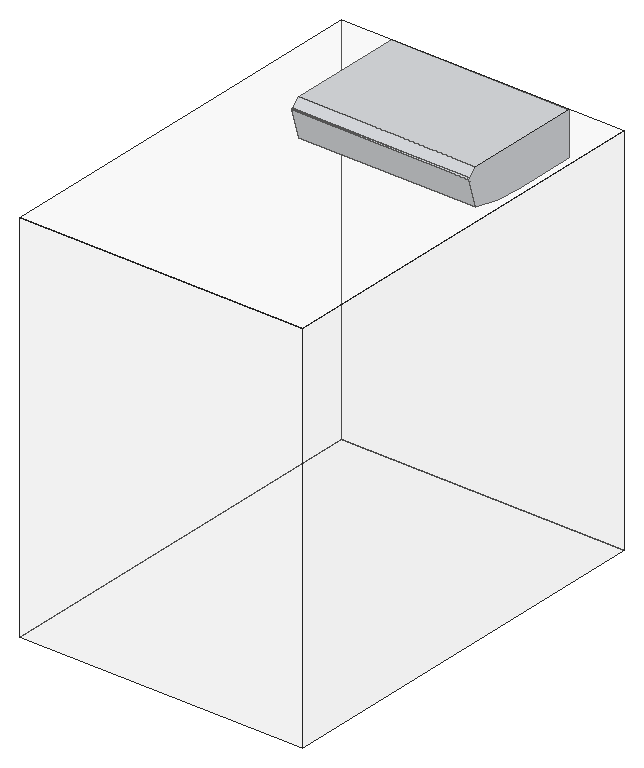
Revit family "pc-rp40_160kal19_50hz", category 機械設備, Revit 2019
Family settings
  丸型コネクタ寸法 = 直径を使用
  パーツ タイプ = 標準
  OmniClass 番号 = 23.75.10.24.21.27.27
  OmniClass タイトル = Split System Air Conditioning Units
  作業面ベース = いいえ
  常に垂直 = はい
  ロード時にボイドで切り取り = いいえ
  共有 = いいえ
  部屋計算ポイント = はい
Parameters (values of type "天吊_PC-RP40KA19")
  風量_静 (㎥/min) = 9
  風量_弱 (㎥/min) = 10
  風量_中 (㎥/min) = 11
  風量_強 (㎥/min) = 13
  風量 = MAX風量  # 780.0 m³/h
  音響パワーレベル_静 (dB) = 48
  音響パワーレベル_弱 (dB) = 50
  音響パワーレベル_中 (dB) = 53
  音響パワーレベル_強 (dB) = 55
  音響パワーレベル(dB) = [音響パワーレベル_強 (dB)]  # 55
  電源種別 = ""
  電源_H = 0 mm
  電圧 = 0 V
  電動機出力_送風機 = 0.09 kW
  運転質量 = 0.00 kg
  連動 = ""
  質量 = if(製品質量 > 運転質量, 製品質量, 運転質量) * 1.2  # 28.80 kg
  負荷分類 = 3_ファン類
  説明 = "店舗・事務所用パッケージエアコン(Mr.SLIM) [本体] 天吊形室内機"
  設計暖房能力 = 0.00 kW
  設計冷房能力_顕熱 = 0 kW
  設計冷房能力 = 0 kW
  設置方法 = "天井吊形"
  記号 = ""
  製造元 = "三菱電機株式会社"
  製品質量 = 24.00 kg
  製品出荷対象 = "国内"
  製品リリース年月 = ""
  製品グループ = ""
  背面_液管接続口 = 184 mm
  背面_ドレン管接続口 = 233 mm
  背面_ガス管接続口 = 203 mm
  系統 = ""
  符号 = "ACP-CR"
  積算_科目 = "1 空気調和設備"
  積算_拾い区分 [instance] = ""
  相 = 1
  盤記号 = ""
  発停方法 = "付属スイッチ"
  特殊仕様 = ""
  点検口離隔 [instance] = if(点検口離隔入力値 > 200 mm, 200 mm, if(点検口離隔入力値 < 150 mm, 150 mm, 点検口離隔入力値))  # 150 mm
  点検口離隔入力値 [instance] = 0 mm
  点検口設置範囲 = 0 mm
  点検口 = yes
  火災停止 = ""
  消費電力_暖房 = 0.04 kW
  消費電力_冷房 = 0.05 kW
  消費電力 = if(消費電力_冷房 > 消費電力_暖房, 消費電力_冷房, 消費電力_暖房)  # 0.05 kW
  法定耐用年数 = "6"
  極数 = 1
  材質 = ""
  本体マテリアル = none
  有効加湿量 = 0
  暖房能力 = 4.00 kW
  推奨ブレーカー容量 = 0 A
  形式_加湿器 = ""
  形式 = "天井吊（露出）形"
  幹線記号 = ""
  始動方式 = "直入"
  呼称 = "室内機_天井吊(露出)形"
  周波数 = 50 Hz
  吊り位置Y = 320 mm
  吊り位置X = 917 mm
  吊りボルト_H = 50 mm
  台数_手元リモコン = ""
  台数_冷媒分岐ユニット = ""
  参照している仕様書等のバージョン = "公共建築物標準仕様書（機械設備工事編）平成31年度版"
  加湿給水管径 = 0 mm
  分類コード = "50053003221080"
  分類グループ = ""
  冷房能力 = 3.6 kW
  冷媒高低圧ガス管径 = 0 mm
  冷媒管径符号 = "Ac"
  冷媒管径 = 100 mm
  冷媒液管高さ = 126 mm
  冷媒液管径 = 6.35 mm
  冷媒ガス管高さ = 126 mm
  冷媒ガス管径 = 12.7 mm
  価格 = 0
  企業コード = "108420"
  付属品_フィルター = ""
  付属品 = ""
  仕様書バージョン = "Version1.0"
  モデル = "PC-RP40KA19"
  パネルマテリアル = none
  ドレン管高さ = 190 mm
  ドレン管径 (外径) = 26 mm
  ドレン管径 = 20 mm
  サービススペース = yes
  コメント [instance] = ""
  ケーブル種類1 = ""
  ケーブルサイズ1 = 0 mm
  【値が 0 の項目は組合せ形名にてご確認ください】 = ""
  Width = 960 mm
  Version = ""
  Uniclass2015Version = "Systems v1.9"
  Uniclass2015Title = "Split coil remote air cooled condensing units"
  Uniclass2015Code = "Pr_70_65_03_84"
  URL = "https://www.mitsubishielectric.co.jp/ldg/wink/ssl/top.do"
  SpecificationReference = ""
  SpecificationDescription = ""
  Revision = ""
  ProductInformation = ""
  OmniClassCode = "23-33 17 13 11"
  MIN風量 = [風量_静 (㎥/min)] * 60.0 m³/h  # 540.0 m³/h
  MID風量2 = [風量_弱 (㎥/min)] * 60.0 m³/h  # 600.0 m³/h
  MID風量 = [風量_中 (㎥/min)] * 60.0 m³/h  # 660.0 m³/h
  MAX風量 = [風量_強 (㎥/min)] * 60.0 m³/h  # 780.0 m³/h
  IfcTypeProduct = ""
  IfcProduct = ""
  IfcExportType = "AIRCONDITIONINGUNIT"
  IfcExportAs = "IfcUnitaryEquipmentType"
  Height_本体 = 230 mm
  Height = Height_本体 + 6 mm  # 236 mm
  Depth = 680 mm
  Clearance Top = 1 mm
  Clearance Right = 300 mm
  Clearance Left = 270 mm
  Clearance Front = 1500 mm
  Clearance Bottom = 1800 mm
  Clearance Back = 0 mm
  Author = "三菱電機株式会社"
Types (20, lengths in mm): name | 風量_静 (㎥/min) | 風量_弱 (㎥/min) | 風量_中 (㎥/min) | 風量_強 (㎥/min) | 風量 | 音響パワーレベル_静 (dB) | 音響パワーレベル_弱 (dB) | 音響パワーレベル_中 (dB) | 音響パワーレベル_強 (dB) | 音響パワーレベル(dB) | 電動機出力_送風機 | 質量 | 製品質量 | 製品リリース年月 | 背面_液管接続口 | 背面_ガス管接続口 | 消費電力_暖房 | 消費電力_冷房 | 消費電力 | 暖房能力 | 吊り位置X | 冷房能力 | 冷媒管径符号 | 冷媒液管径 | 冷媒ガス管径 | モデル | Width | MIN風量 | MID風量2 | MID風量 | MAX風量
  天吊_PC-RP45KAL19 | 9 | 10 | 11 | 13 | 780.0 m³/h | 48 | 50 | 53 | 55 | 55 | 0.09 kW | 28.80 kg | 24.00 kg | "" | 184 | 203 | 0.04 kW | 0.05 kW | 0.05 kW | 4.50 kW | 917 | 4 kW | "Ac" | 6.35 | 12.7 | "PC-RP45KAL19" | 960 | 540.0 m³/h | 600.0 m³/h | 660.0 m³/h | 780.0 m³/h
  天吊_PC-RP56KAL19 | 10 | 11 | 12 | 13 | 780.0 m³/h | 48 | 50 | 53 | 55 | 55 | 0.09 kW | 30.00 kg | 25.00 kg | "" | 184 | 203 | 0.05 kW | 0.06 kW | 0.06 kW | 5.60 kW | 917 | 5 kW | "Ac" | 6.35 | 12.7 | "PC-RP56KAL19" | 960 | 600.0 m³/h | 660.0 m³/h | 720.0 m³/h | 780.0 m³/h
  天吊_PC-RP71KAL19 | 13 | 16 | 18 | 20 | 1200.0 m³/h | 50 | 53 | 55 | 57 | 57 | 0.095 kW | 38.40 kg | 32.00 kg | "" | 180 | 200 | 0.09 kW | 0.10 kW | 0.10 kW | 7.00 kW | 1237 | 6.3 kW | "Bd" | 9.5 | 15.9 | "PC-RP71KAL19" | 1280 | 780.0 m³/h | 960.0 m³/h | 1080.0 m³/h | 1200.0 m³/h
  天吊_PC-RP80KAL19 | 13 | 16 | 18 | 20 | 1200.0 m³/h | 50 | 53 | 55 | 57 | 57 | 0.095 kW | 38.40 kg | 32.00 kg | "" | 180 | 200 | 0.09 kW | 0.10 kW | 0.10 kW | 8.00 kW | 1237 | 7.1 kW | "Bd" | 9.5 | 15.9 | "PC-RP80KAL19" | 1280 | 780.0 m³/h | 960.0 m³/h | 1080.0 m³/h | 1200.0 m³/h
  天吊_PC-RP112KAL19 | 20 | 22 | 26 | 29 | 1740.0 m³/h | 54 | 56 | 59 | 62 | 62 | 0.16 kW | 45.60 kg | 38.00 kg | "" | 180 | 200 | 0.11 kW | 0.12 kW | 0.12 kW | 11.20 kW | 1557 | 10 kW | "Bd" | 9.5 | 15.9 | "PC-RP112KAL19" | 1600 | 1200.0 m³/h | 1320.0 m³/h | 1560.0 m³/h | 1740.0 m³/h
  天吊_PC-RP140KAL19 | 21 | 24 | 27 | 31 | 1860.0 m³/h | 56 | 58 | 61 | 63 | 63 | 0.16 kW | 45.60 kg | 38.00 kg | "0" | 180 | 200 | 0.13 kW | 0.14 kW | 0.14 kW | 14.00 kW | 1557 | 12.5 kW | "Bd" | 9.5 | 15.9 | "PC-RP140KAL19" | 1600 | 1260.0 m³/h | 1440.0 m³/h | 1620.0 m³/h | 1860.0 m³/h
  天吊_PC-RP160KAL19 | 22 | 25 | 28 | 33 | 1980.0 m³/h | 58 | 60 | 62 | 65 | 65 | 0.16 kW | 45.60 kg | 38.00 kg | "" | 180 | 200 | 0.16 kW | 0.17 kW | 0.17 kW | 16.00 kW | 1557 | 14 kW | "Bd" | 9.5 | 15.9 | "PC-RP160KAL19" | 1600 | 1320.0 m³/h | 1500.0 m³/h | 1680.0 m³/h | 1980.0 m³/h
  天吊_PC-RP63KAL19 | 12 | 14 | 15 | 17 | 1020.0 m³/h | 49 | 51 | 53 | 55 | 55 | 0.095 kW | 38.40 kg | 32.00 kg | "" | 184 | 203 | 0.06 kW | 0.07 kW | 0.07 kW | 6.30 kW | 1237 | 5.6 kW | "Ac" | 6.4 | 12.7 | "PC-RP63KAL19" | 1280 | 720.0 m³/h | 840.0 m³/h | 900.0 m³/h | 1020.0 m³/h
  天吊_PC-RP40KAL19 | 9 | 10 | 11 | 13 | 780.0 m³/h | 48 | 50 | 53 | 55 | 55 | 0.09 kW | 28.80 kg | 24.00 kg | "" | 184 | 203 | 0.04 kW | 0.05 kW | 0.05 kW | 4.00 kW | 917 | 3.6 kW | "Ac" | 6.35 | 12.7 | "PC-RP40KAL19" | 960 | 540.0 m³/h | 600.0 m³/h | 660.0 m³/h | 780.0 m³/h
  天吊_PC-RP50KAL19 | 10 | 11 | 12 | 13 | 780.0 m³/h | 48 | 50 | 53 | 55 | 55 | 0.09 kW | 30.00 kg | 25.00 kg | "" | 184 | 203 | 0.05 kW | 0.06 kW | 0.06 kW | 5.00 kW | 917 | 4.5 kW | "Ac" | 6.35 | 12.7 | "PC-RP50KAL19" | 960 | 600.0 m³/h | 660.0 m³/h | 720.0 m³/h | 780.0 m³/h
  天吊_PC-RP112KA19 | 20 | 22 | 26 | 29 | 1740.0 m³/h | 54 | 56 | 59 | 62 | 62 | 0.16 kW | 45.60 kg | 38.00 kg | "" | 180 | 200 | 0.11 kW | 0.12 kW | 0.12 kW | 11.20 kW | 1557 | 10 kW | "Bd" | 9.5 | 15.9 | "PC-RP112KA19" | 1600 | 1200.0 m³/h | 1320.0 m³/h | 1560.0 m³/h | 1740.0 m³/h
  天吊_PC-RP140KA19 | 21 | 24 | 27 | 31 | 1860.0 m³/h | 56 | 58 | 61 | 63 | 63 | 0.16 kW | 45.60 kg | 38.00 kg | "" | 180 | 200 | 0.13 kW | 0.14 kW | 0.14 kW | 14.00 kW | 1557 | 12.5 kW | "Bd" | 9.5 | 15.9 | "PC-RP140KA19" | 1600 | 1260.0 m³/h | 1440.0 m³/h | 1620.0 m³/h | 1860.0 m³/h
  天吊_PC-RP160KA19 | 22 | 25 | 28 | 33 | 1980.0 m³/h | 58 | 60 | 62 | 65 | 65 | 0.16 kW | 45.60 kg | 38.00 kg | "" | 180 | 200 | 0.16 kW | 0.17 kW | 0.17 kW | 16.00 kW | 1557 | 14 kW | "Bd" | 9.5 | 15.9 | "PC-RP160KA19" | 1600 | 1320.0 m³/h | 1500.0 m³/h | 1680.0 m³/h | 1980.0 m³/h
  天吊_PC-RP40KA19 | 9 | 10 | 11 | 13 | 780.0 m³/h | 48 | 50 | 53 | 55 | 55 | 0.09 kW | 28.80 kg | 24.00 kg | "" | 184 | 203 | 0.04 kW | 0.05 kW | 0.05 kW | 4.00 kW | 917 | 3.6 kW | "Ac" | 6.35 | 12.7 | "PC-RP40KA19" | 960 | 540.0 m³/h | 600.0 m³/h | 660.0 m³/h | 780.0 m³/h
  天吊_PC-RP45KA19 | 9 | 10 | 11 | 13 | 780.0 m³/h | 48 | 50 | 53 | 55 | 55 | 0.09 kW | 28.80 kg | 24.00 kg | "" | 184 | 203 | 0.04 kW | 0.05 kW | 0.05 kW | 4.50 kW | 917 | 4 kW | "Ac" | 6.35 | 12.7 | "PC-RP45KA19" | 960 | 540.0 m³/h | 600.0 m³/h | 660.0 m³/h | 780.0 m³/h
  天吊_PC-RP50KA19 | 10 | 11 | 12 | 13 | 780.0 m³/h | 48 | 50 | 53 | 55 | 55 | 0.09 kW | 30.00 kg | 25.00 kg | "" | 184 | 203 | 0.05 kW | 0.06 kW | 0.06 kW | 5.00 kW | 917 | 4.5 kW | "Ac" | 6.35 | 12.7 | "PC-RP50KA19" | 960 | 600.0 m³/h | 660.0 m³/h | 720.0 m³/h | 780.0 m³/h
  天吊_PC-RP56KA19 | 10 | 11 | 12 | 13 | 780.0 m³/h | 48 | 50 | 53 | 55 | 55 | 0.09 kW | 30.00 kg | 25.00 kg | "" | 184 | 203 | 0.05 kW | 0.06 kW | 0.06 kW | 5.60 kW | 917 | 5 kW | "Ac" | 6.35 | 12.7 | "PC-RP56KA19" | 960 | 600.0 m³/h | 660.0 m³/h | 720.0 m³/h | 780.0 m³/h
  天吊_PC-RP63KA19 | 12 | 14 | 15 | 17 | 1020.0 m³/h | 49 | 51 | 53 | 55 | 55 | 0.095 kW | 38.40 kg | 32.00 kg | "" | 184 | 203 | 0.06 kW | 0.07 kW | 0.07 kW | 6.30 kW | 1237 | 5.6 kW | "Ac" | 6.4 | 12.7 | "PC-RP63KA19" | 1280 | 720.0 m³/h | 840.0 m³/h | 900.0 m³/h | 1020.0 m³/h
  天吊_PC-RP71KA19 | 13 | 16 | 18 | 20 | 1200.0 m³/h | 50 | 53 | 55 | 57 | 57 | 0.095 kW | 38.40 kg | 32.00 kg | "" | 180 | 200 | 0.09 kW | 0.10 kW | 0.10 kW | 7.00 kW | 1237 | 6.3 kW | "Bd" | 9.5 | 15.9 | "PC-RP71KA19" | 1280 | 780.0 m³/h | 960.0 m³/h | 1080.0 m³/h | 1200.0 m³/h
  天吊_PC-RP80KA19 | 13 | 16 | 18 | 20 | 1200.0 m³/h | 50 | 53 | 55 | 57 | 57 | 0.095 kW | 38.40 kg | 32.00 kg | "" | 180 | 200 | 0.09 kW | 0.10 kW | 0.10 kW | 8.00 kW | 1237 | 7.1 kW | "Bd" | 9.5 | 15.9 | "PC-RP80KA19" | 1280 | 780.0 m³/h | 960.0 m³/h | 1080.0 m³/h | 1200.0 m³/h
Reference planes
  plane 1 "中心(正面/背面)": y = 0
  plane 2: z = 0
  plane 3 "中心(左/右)": x = 0
  plane 4: z = 236
  plane 5: y = 260
  plane 6: y = -60
  plane 7: y = 340
  plane 8: y = -340
  plane 9: x = -480
  plane 10: x = 480
  plane 11: x = -750
  plane 12: x = 780
  plane 13 "back": y = 340
  plane 14: y = -1840
  plane 15: z = 237
  plane 16: z = -1800
  plane 17: x = 394
  plane 18: x = 309
  plane 19: z = 110
  plane 20 "液管": y = 156
  plane 21: y = 340
  plane 22 "ガス管": y = 137
  plane 23 "ドレン管": y = 107
  plane 24: x = 342
  plane 25: z = 46
  plane 26: x = -405
  plane 27: x = 351.5
Forms (mm)
  Extrusion 1, solid, detail levels fine
    sketch origin (0, 156, 0) x (0, 0, -1) y (1, 0, 0)
      loop
        circle (-110, 309) r 3.175
    from 0 to 100
  Extrusion 2, solid, detail levels fine
    sketch origin (0, 137, 0) x (0, 0, -1) y (1, 0, 0)
      loop
        circle (-110, 394) r 6.35
    from 0 to 100
  Extrusion 3, solid, detail levels fine
    sketch origin (0, 107, 0) x (0, 0, -1) y (1, 0, 0)
      loop
        circle (-46, 342) r 13
    from 0 to 100
  Extrusion 4, solid, detail levels fine
    sketch origin (0, 107, 0) x (0, 0, -1) y (1, 0, 0)
      loop
        circle (-46, -405) r 13
    from 0 to 100
  Extrusion 5, solid, detail levels fine
    sketch origin (0, 137, 0) x (0, 0, -1) y (1, 0, 0)
      loop
        circle (-110, 351.5) r 50
    from 0 to 120
Dimensions and locks
  "吊り位置Y": plane 6 to plane 5
  equal spacing: plane 8, plane 1 "中心(正面/背面)", plane 7
  "Depth": plane 8 to plane 7
  equal spacing: plane 9, plane 3 "中心(左/右)", plane 10
  "Width": plane 9 to plane 10
  "Clearance Back": plane 7 to plane 13 "back"
  "Clearance Front": plane 14 to plane 8
  "Clearance Right": plane 10 to plane 12
  "Clearance Left": plane 11 to plane 9
  "Height": plane 4 to level
  locked: plane 5 to plane 7 at 80
  "Clearance Bottom": level to plane 16
  "Clearance Top": plane 15 to plane 4
  plane 10 to plane 9 = 960 mm
  "背面_液管接続口": plane 20 "液管" to plane 21
  "背面_ガス管接続口": plane 22 "ガス管" to plane 21
  "背面_ドレン管接続口": plane 23 "ドレン管" to plane 21
  "冷媒ガス管高さ": plane 4 to plane 19
  "ドレン管高さ": plane 4 to plane 25
  plane 17 to plane 27 to plane 18 = 42.5 mm, 42.5 mm
  locked: plane 10 to plane 17 at 86
  locked: plane 17 to plane 18 at 85
  locked: plane 10 to plane 24 at 138
  locked: plane 26 to plane 9 at 75
  diameter of Extrusion 2 = 12.7 mm
  diameter of Extrusion 1 = 6.35 mm
  "ドレン管径 (外径)": diameter of Extrusion 3
  "ドレン管径 (外径)": diameter of Extrusion 4
  aligned and locked: level to plane 2
  aligned and locked: nested 2 to plane 5
  aligned and locked: plane 6 to nested 2
  aligned and locked: nested 1 to plane 11
  aligned and locked: nested 1 to plane 12
  aligned and locked: plane 14 to nested 1
  aligned and locked: plane 13 "back" to nested 1
  aligned and locked: plane 15 to nested 1
  aligned and locked: plane 1 "中心(正面/背面)" to nested 3
  aligned and locked: plane 3 "中心(左/右)" to nested 3
  aligned and locked: plane 16 to nested 1
  aligned and locked: Extrusion 1 to plane 20 "液管"
  aligned and locked: Extrusion 2 to plane 22 "ガス管"
  aligned and locked: Extrusion 3 to plane 23 "ドレン管"
  aligned and locked: Extrusion 4 to plane 23 "ドレン管"
Automatic sketch dimensions
  Extrusion 1 sketch curve to plane 18 = 0 mm
  Extrusion 1 sketch curve to plane 19 = 0 mm
  Extrusion 2 sketch curve to plane 17 = 0 mm
  Extrusion 2 sketch curve to plane 19 = 0 mm
  Extrusion 3 sketch curve to plane 24 = 0 mm
  Extrusion 3 sketch curve to plane 25 = 0 mm
  Extrusion 4 sketch curve to plane 25 = 0 mm
  Extrusion 4 sketch curve to plane 26 = 0 mm
  Extrusion 5 sketch curve to plane 19 = 0 mm
  Extrusion 5 sketch curve to plane 27 = 0 mm
  radius of Extrusion 1 sketch curve = 3.175 mm
  radius of Extrusion 2 sketch curve = 6.35 mm
  radius of Extrusion 3 sketch curve = 13 mm
  radius of Extrusion 4 sketch curve = 13 mm
  radius of Extrusion 5 sketch curve = 50 mm
Nested families
  nested 1: "サービススペース" at (15, -750, -781.5), visible <- "サービススペース", type "サービススペース"
    with Width 1530 mm, Height 2037 mm, Depth 2180 mm
  nested 2: "固定点" at (-458.5, -60, 0), type "固定点"
    with W 917 mm, D 320 mm
  nested 3: "PCFY-P-KMG" at (0, 0, 0), type "PCFY-P-KMG", detail levels fine
Connectors
  electrical at (196, 339, 206), driven by "極数", driven by "負荷分類", driven by "電圧", driven by "消費電力"
    settings: on nested 3, index 1, voltage 0 V, apparent load 50 VA, apparent load phase1 0 VA, apparent load phase2 0 VA, apparent load phase3 0 VA, power factor 1, load classification "3_ファン類", number of poles 1, system type 30, power factor state 1, is connector primary yes, connector utility no, sub classification motor no, connector description ""
  piping at (351.5, 137, 110), diameter 100, driven by "冷媒管径"
    settings: on Extrusion 5, index 2, connector inside diameter 609.6 mm, connector length 0 mm, flow factor 0, pipe flow 0.0 L/s, pressure drop 0.0 Pa, fitting loss kfactor 0, connector angle 0.00°, fixture units 0, engagement length 0 mm, angle of deflection 0.00°, flow configuration 1, flow direction 1, fitting loss method 4, system type 7, joint type 0, gender type 0, connector reference index -1, connector utility 0, adjustable connector no, is connector primary yes, connector description "冷媒管"
  piping at (342, 107, 46), diameter 20, driven by "ドレン管径"
    settings: on Extrusion 3, index 3, connector inside diameter 609.6 mm, connector length 0 mm, flow factor 0, pipe flow 0.0 L/s, pressure drop 0.0 Pa, fitting loss kfactor 0, connector angle 0.00°, fixture units 0, engagement length 0 mm, angle of deflection 0.00°, flow configuration 1, flow direction 2, fitting loss method 0, system type 16, joint type 0, gender type 0, connector reference index -1, connector utility 0, adjustable connector no, is connector primary no, connector description "ドレン管1"
  piping at (-405, 107, 46), diameter 20, driven by "ドレン管径"
    settings: on Extrusion 4, index 4, connector inside diameter 609.6 mm, connector length 0 mm, flow factor 0, pipe flow 0.0 L/s, pressure drop 0.0 Pa, fitting loss kfactor 0, connector angle 0.00°, fixture units 0, engagement length 0 mm, angle of deflection 0.00°, flow configuration 1, flow direction 2, fitting loss method 0, system type 16, joint type 0, gender type 0, connector reference index -1, connector utility 0, adjustable connector no, is connector primary no, connector description "ドレン管2"
Definition of nested family "サービススペース"
  Parameters (values of type "サービススペース")
    Width [instance] = 500 mm
    Height [instance] = 500 mm
    Depth [instance] = 500 mm
  Reference planes
    plane 1 "中心(正面/背面)": y = 0
    plane 2: z = 0
    plane 3 "中心(左/右)": x = 0
    plane 4: y = -250
    plane 5: x = 250
    plane 6: y = 250
    plane 7: x = -250
    plane 8: z = 250
    plane 9: z = -250
  Forms (mm)
    Extrusion 1, solid
      sketch origin (-638.939, 0, 72.39) x (1, 0, 0) y (0, 1, 0)
        loop
          line (388.939, 250) -> (388.939, -250) -> (888.939, -250) -> (888.939, 250) -> (388.939, 250)
      from -322.39 to 177.61
  Lines and regions (mm)
    symbolic lines
      curve 1: line (-250, 0, 250) -> (250, 0, 250)
      curve 2: line (-250, 0, -250) -> (-250, 0, 250)
      curve 3: line (250, 0, -250) -> (-250, 0, -250)
      curve 4: line (250, 0, 250) -> (250, 0, -250)
      curve 5: line (0, -250, 250) -> (0, 250, 250)
      curve 6: line (0, -250, -250) -> (0, -250, 250)
      curve 7: line (0, 250, -250) -> (0, -250, -250)
      curve 8: line (0, 250, 250) -> (0, 250, -250)
      curve 9: line (-250, 250, 0) -> (250, 250, 0)
      curve 10: line (-250, -250, 0) -> (-250, 250, 0)
      curve 11: line (250, -250, 0) -> (-250, -250, 0)
      curve 12: line (250, 250, 0) -> (250, -250, 0)
  Dimensions and locks
    equal spacing: plane 7, plane 3 "中心(左/右)", plane 5
    equal spacing: plane 4, plane 1 "中心(正面/背面)", plane 6
    "Depth": plane 4 to plane 6
    "Width": plane 7 to plane 5
    equal spacing: plane 8, plane 2, plane 9
    "Height": plane 8 to plane 9
    aligned and locked: plane 9 to curve 3
    aligned and locked: plane 7 to curve 2
    aligned and locked: curve 4 to plane 5
    aligned and locked: plane 5 to Extrusion 1
    aligned and locked: Extrusion 1 to plane 7
    aligned and locked: Extrusion 1 to plane 9
    aligned and locked: plane 8 to Extrusion 1
    aligned and locked: plane 9 to curve 7
  Automatic sketch dimensions
    plane 4 to Extrusion 1 sketch curve = 0 mm
    Extrusion 1 sketch curve to plane 7 = 0 mm
    Extrusion 1 sketch curve to plane 5 = 0 mm
    plane 6 to Extrusion 1 sketch curve = 0 mm
    curve 2 to plane 8 = 0 mm
    plane 4 to curve 11 = 0 mm
    curve 11 to plane 7 = 0 mm
    curve 11 to plane 5 = 0 mm
    plane 6 to curve 10 = 0 mm
    curve 7 to plane 4 = 0 mm
    curve 7 to plane 6 = 0 mm
    curve 6 to plane 8 = 0 mm
Definition of nested family "PCFY-P-KMG"
  Parameters (values of type "PCFY-P-KMG")
    配線取出口サイズ = 22 mm
    配線取出口-Z = 0 mm
    配線取出口-Y = 0 mm
    配線取出口-X = 0 mm
    液配管サイズ = 100 mm
    高さ = 236 mm
    奥行き = 680 mm
    吊りボルト_H = 50 mm
    冷媒配管サイズ = 6.35 mm
    冷媒液管径-Z = 0 mm
    冷媒液管径-Y = 0 mm
    冷媒液管径-X = 0 mm
    冷媒ガス管径-Z = 0 mm
    冷媒ガス管径-Y = 0 mm
    冷媒ガス管径-X = 0 mm
    吊りボルト-W = 917 mm
    マテリアル = none
    ドレン配管サイズ = 26 mm
    ドレン管径-Z = 0 mm
    ドレン管径-Y = 0 mm
    ドレン管径-X = 0 mm
    ガス配管サイズ = 12.7 mm
    吊りボルト-D = 320 mm
    幅さ = 960 mm
  Reference planes
    plane 1 "中心(正面/背面)": y = 0
    plane 2: z = 0
    plane 3 "中心(左/右)": x = 0
    plane 4: z = 236
    plane 5: x = -480
    plane 6: x = 480
    plane 7: y = 340
    plane 8: y = -340
    plane 9: y = -289
    plane 10: y = -330
    plane 11: y = -335
    plane 12: z = 84
    plane 13: z = 172
    plane 14: z = 195
    plane 15: z = 200
    plane 16: z = 40
    plane 17: x = -426.5
    plane 18: x = 426.5
    plane 19: y = -136
    plane 20: y = -193
    plane 21: y = 86
    plane 22: z = 110
    plane 23: x = -469
    plane 24: y = 156
    plane 25: y = 137
    plane 26: y = 94
    plane 27: x = -158
    plane 28: z = 206
    plane 29: x = 196
    plane 30: x = 158
    plane 31: y = 140
  Forms (mm)
    Extrusion 1, solid, material <- "マテリアル"
      sketch origin (480, 1296.25, 1200) x (0, 1, 0) y (0, 0, 1)
        loop
          line (-1585.25, -964) -> (-1626.25, -1000) -> (-1631.25, -1000) -> (-1636.25, -1005) -> (-1585.25, -1160)
          arc (-1585.25, -1160) -> (-1442.128, -1189.953) -> (-1296.25, -1200) r 1064.013
          line (-1296.25, -1200) -> (-956.25, -1200) -> (-956.25, -964) -> (-1585.25, -964)
      from -960 to 0
    Extrusion 2, solid, material <- "マテリアル"
      sketch origin (674, 0, 0) x (1, 0, 0) y (0, 0, 1)
        loop
          circle (-478, 206) r 11
      from -339 to -340
    Extrusion 3, solid, material <- "マテリアル"
      sketch origin (636, 0, 0) x (1, 0, 0) y (0, 0, 1)
        loop
          circle (-478, 206) r 11
      from -339 to -340
    Extrusion 4, solid, material <- "マテリアル"
      sketch origin (674, 0, -169) x (1, 0, 0) y (0, 0, 1)
        loop
          circle (-478, 206) r 11
      from -339 to -340
    Extrusion 5, solid, material <- "マテリアル"
      sketch origin (636, 0, -169) x (1, 0, 0) y (0, 0, 1)
        loop
          circle (-478, 206) r 11
      from -339 to -340
  Lines and regions (mm)
    model lines
      curve 1: line (426.5, -303.59, 84.341) -> (426.5, -332.355, 171.766)
      curve 2: line (426.5, -332.355, 171.766) -> (-426.5, -332.355, 171.766)
      curve 3: line (-426.5, -303.59, 84.341) -> (426.5, -303.59, 84.341)
      curve 4: line (-426.5, -332.355, 171.766) -> (-426.5, -303.59, 84.341)
      curve 5: line (-426.5, 310, 0) -> (-426.5, 86, 0)
      curve 6: line (426.5, 310, 0) -> (426.5, 86, 0)
      curve 7: line (426.5, 310, 0) -> (-426.5, 310, 0)
      curve 8: line (426.5, 86, 0) -> (-426.5, 86, 0)
      curve 9: line (426.5, 294, 0) -> (-426.5, 294, 0)
      curve 10: line (426.5, 278, 0) -> (-426.5, 278, 0)
      curve 11: line (426.5, 262, 0) -> (-426.5, 262, 0)
      curve 12: line (426.5, 246, 0) -> (-426.5, 246, 0)
      curve 13: line (426.5, 230, 0) -> (-426.5, 230, 0)
      curve 14: line (426.5, 214, 0) -> (-426.5, 214, 0)
      curve 15: line (426.5, 198, 0) -> (-426.5, 198, 0)
      curve 16: line (426.5, 182, 0) -> (-426.5, 182, 0)
      curve 17: line (426.5, 166, 0) -> (-426.5, 166, 0)
      curve 18: line (426.5, 150, 0) -> (-426.5, 150, 0)
      curve 19: line (426.5, 134, 0) -> (-426.5, 134, 0)
      curve 20: line (426.5, 118, 0) -> (-426.5, 118, 0)
      curve 21: line (426.5, 102, 0) -> (-426.5, 102, 0)
  Dimensions and locks
    equal spacing: plane 8, plane 1 "中心(正面/背面)", plane 7
    "奥行き": plane 8 to plane 7
    equal spacing: plane 5, plane 3 "中心(左/右)", plane 6
    "幅さ": plane 5 to plane 6
    "高さ": plane 4 to level
    locked: plane 8 to plane 11 at 5
    locked: plane 8 to plane 10 at 10
    locked: plane 8 to plane 9 at 51
    locked: plane 12 to level at 84
    locked: plane 14 to level at 195
    locked: plane 15 to level at 200
    locked: plane 16 to level at 40
    plane 17 to plane 18 = 853 mm
    locked: plane 5 to plane 17 at 53.5
    locked: plane 18 to plane 6 at 53.5
    locked: plane 13 to plane 12 at 88
    locked: plane 20 to plane 19 at 57
    locked: plane 19 to plane 7 at 476
    locked: plane 21 to plane 7 at 254
    locked: plane 4 to plane 22 at 126
    locked: plane 26 to plane 7 at 246
    locked: plane 24 to plane 7 at 184
    locked: plane 25 to plane 7 at 203
    locked: plane 5 to plane 27 at 322
    locked: plane 4 to plane 28 at 30
    plane 6 to plane 29 = 284 mm
    plane 29 to plane 30 = 38 mm
    "配線取出口サイズ": diameter of Extrusion 2 sketch curve
    "配線取出口サイズ": diameter of Extrusion 3 sketch curve
    "配線取出口サイズ": diameter of Extrusion 4 sketch curve
    "配線取出口サイズ": diameter of Extrusion 5 sketch curve
    aligned and locked: level to plane 2
    aligned and locked: Extrusion 1 sketch curve to plane 4
    aligned and locked: Extrusion 1 sketch curve to plane 7
    aligned and locked: Extrusion 1 sketch curve to level
    aligned and locked: plane 15 to Extrusion 1 sketch curve
    aligned and locked: plane 14 to Extrusion 1 sketch curve
    aligned and locked: plane 16 to Extrusion 1 sketch curve
    aligned and locked: Extrusion 1 to plane 5
    aligned and locked: plane 6 to Extrusion 1
    aligned and locked: curve 4 to plane 17
    aligned and locked: plane 18 to curve 1
    aligned and locked: curve 5 to plane 17
    aligned and locked: curve 6 to plane 18
    aligned and locked: curve 8 to plane 21
    aligned and locked: plane 28 to Extrusion 2 sketch curve
    aligned and locked: plane 7 to Extrusion 2
  Automatic sketch dimensions
    plane 7 to curve 7 = 30 mm
    curve 21 to plane 26 = 8 mm
    curve 21 to curve 20 = 16 mm
    plane 25 to curve 19 = 3 mm
    plane 24 to curve 18 = 6 mm
    curve 17 to plane 24 = 10 mm
    curve 17 to curve 16 = 16 mm
    curve 16 to curve 15 = 16 mm
    curve 15 to curve 14 = 16 mm
    curve 14 to curve 13 = 16 mm
    curve 13 to curve 12 = 16 mm
    curve 12 to curve 11 = 16 mm
    curve 11 to curve 10 = 16 mm
    curve 10 to curve 9 = 16 mm
    Extrusion 1 sketch curve to plane 8 = 0 mm
    Extrusion 1 sketch curve to plane 11 = 0 mm
    Extrusion 1 sketch curve to plane 10 = 0 mm
    Extrusion 1 sketch curve to plane 9 = 0 mm  (x2)
    Extrusion 1 sketch curve to plane 1 "中心(正面/背面)" = 0 mm
    Extrusion 1 to curve 1 = 24.459 mm
    curve 3 to Extrusion 1 = 46.68 mm
    Extrusion 1 to curve 4 = 53.5 mm
    Extrusion 1 to curve 3 = 53.5 mm
    Extrusion 2 sketch curve to plane 29 = 0 mm
    Extrusion 3 sketch curve to plane 28 = 0 mm
    Extrusion 3 sketch curve to plane 30 = 0 mm
    Extrusion 4 sketch curve to plane 29 = 0 mm
    Extrusion 4 sketch curve to plane 16 = 3 mm
    Extrusion 5 sketch curve to plane 30 = 0 mm
    Extrusion 5 sketch curve to plane 16 = 3 mm
Definition of nested family "固定点"
  Parameters (values of type "固定点")
    中心円 = 20 mm
    W [instance] = 1000 mm
    D [instance] = 1000 mm
  Reference planes
    plane 1 "中心(正面/背面)": y = 0
    plane 2: z = 0
    plane 3 "中心(左/右)": x = 0
    plane 4: x = 1000
    plane 5: y = 1000
  Lines and regions (mm)
    symbolic lines, detail levels fine
      curve 1: circle (0, 1000, 0) r 10 normal (0, 0, 1)
      curve 2: circle (0, 0, 0) r 10 normal (0, 0, 1)
      curve 3: circle (1000, 1000, 0) r 10 normal (0, 0, 1)
      curve 4: circle (1000, 0, 0) r 10 normal (0, 0, 1)
      curve 5: line (-200, 1000, 0) -> (1200, 1000, 0)
      curve 6: line (-200, 0, 0) -> (1200, 0, 0)
      curve 7: line (0, 1200, 0) -> (0, -200, 0)
      curve 8: line (1000, 1200, 0) -> (1000, -200, 0)
  Dimensions and locks
    "W": plane 3 "中心(左/右)" to plane 4
    "D": plane 1 "中心(正面/背面)" to plane 5
    "中心円": diameter of curve 1
    "中心円": diameter of curve 2
    "中心円": diameter of curve 3
    "中心円": diameter of curve 4
    aligned and locked: level to plane 2
    aligned and locked: plane 5 to curve 1
    aligned and locked: plane 3 "中心(左/右)" to curve 1
    aligned and locked: plane 3 "中心(左/右)" to curve 2
    aligned and locked: plane 1 "中心(正面/背面)" to curve 2
    aligned and locked: plane 4 to curve 3
    aligned and locked: plane 5 to curve 3
    aligned and locked: plane 1 "中心(正面/背面)" to curve 4
    aligned and locked: plane 4 to curve 4
    aligned and locked: plane 1 "中心(正面/背面)" to curve 6
    aligned and locked: curve 7 to plane 3 "中心(左/右)"
    aligned and locked: curve 8 to plane 4
  Automatic sketch dimensions
    curve 5 to plane 5 = 0 mm
    curve 6 to plane 3 "中心(左/右)" = 200 mm
    curve 5 to plane 3 "中心(左/右)" = 200 mm
    curve 4 to curve 6 = 200 mm
    curve 3 to curve 5 = 200 mm
    plane 1 "中心(正面/背面)" to curve 8 = 200 mm
    plane 1 "中心(正面/背面)" to curve 7 = 200 mm
    curve 3 to curve 8 = 200 mm
    curve 1 to curve 7 = 200 mm
